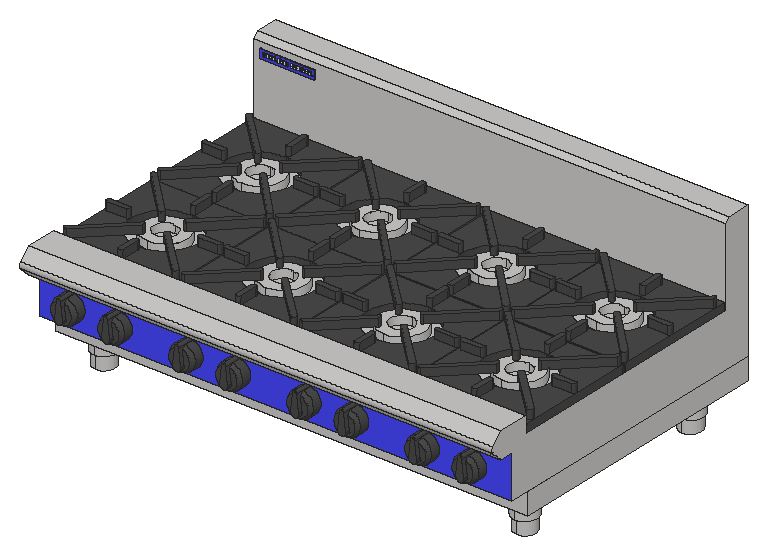
Revit family "QF_MOFFAT_BLUESEAL_CE_G518D-B", category Specialty Equipment, Revit 2012
Parameters
  Width = 1200 mm  # constant formula
  Weight in Pounds = 347  # constant formula
  URL Cutsheet = "www.moffat.com"
  URL = "www.moffat.com"
  Type Mark [instance] = ""
  Status [instance] = ""
  Specification by User [instance] = ""
  Specification by Manufacturer = ""
  Show Logo [instance] = yes
  Serial Number = ""
  Seismic Rating = ""
  SMACNA No = ""
  Revision Code [instance] = ""
  Omniclass Number and Title = ""
  NAFEM Spec ID Number = ""
  Model = "G518D-B"
  Mechanical Remarks [instance] = ""
  Mechanical Connection Type [instance] = ""
  Masterspec = ""
  Manufacturer = "MOFFAT BLUESEAL"
  Item Number [instance] = ""
  Installed By [instance] = ""
  Identify Quantity as Lot [instance] = yes
  Height = 485 mm  # constant formula
  Gas Size = 3/4"
  Gas RI Height [instance] = 0 mm
  Gas KW [instance] = 62.2
  Gas Input [instance] = 212311.0 Btu/h
  Gas Connection Height = 0 mm
  Furnished By [instance] = ""
  Foodservice Equipment Identifier [instance] = yes
  Description = "1200MM GAS COOK TOP BENCH MOUNT"
  Depth = 812 mm  # constant formula
  CSI MasterFormat = ""
  CSI Master Format = ""
Reference planes
  plane 1 "BACK": y = 0
  plane 2: z = 0
  plane 3 "LEFT": x = 0
  plane 4 "RIGHT": x = 1200
  plane 5 "FRONT": y = -812
  plane 6 "TOP": z = 370
  plane 7 "Center Y": x = 600
  plane 8 "Center X": y = -406
  plane 9: z = 485
  plane 10: z = 315
Forms (mm)
  Revolve 1, solid, material "QF_Finishes_Stainless Steel"
    sketch origin (65.5, -728, 0) x (0, 1, 0) y (0, 0, 1)
      loop
        line (71.25, 85) -> (71.25, 35) -> (75.5, 35) -> (75.5, 0) -> (103, 0) -> (103, 85) -> (71.25, 85)
      axis (103, 85) -> (103, 0)
    angle from 0 to 360
  Revolve 2, solid, material "QF_Finishes_Stainless Steel"
    sketch origin (65.5, -210, 0) x (0, 1, 0) y (0, 0, 1)
      loop
        line (78.25, 85) -> (78.25, 35) -> (82.5, 35) -> (82.5, 0) -> (110, 0) -> (110, 85) -> (78.25, 85)
      axis (110, 85) -> (110, 0)
    angle from 0 to 360
  Extrusion 3, solid, material "QF_Finishes_Stainless Steel"
    sketch origin (405, 3, -500) x (1, 0, 0) y (0, 1, 0)
      loop
        circle (665, -35) r 13.5
    from 555 to 585
  Revolve 4, solid, material "QF_Finishes_Black"
    sketch origin (89.999, 7, -0.127) x (0, 1, 0) y (0, 0, -1)
      loop
        line (-789, -229.5) -> (-766, -229.5) -> (-766, -202) -> (-756, -202) -> (-756, -197) -> (-800, -197) -> (-800, -223.651) -> (-789, -229.5)
      axis (-800, -197) -> (-756, -197)
    angle from 0 to 360
  Extrusion 5, solid, material "QF_Finishes_Black"
    sketch origin (228.269, 7, 0.031) x (-1, 0, 0) y (0, 0, -1)
      loop
        line (127.85, -186.163) -> (133.27, -229.082)
        arc (133.27, -229.082) -> (138.269, -233.969) -> (143.267, -229.082) r 5
        line (143.267, -229.082) -> (148.756, -184.996)
        arc (148.756, -184.996) -> (137.684, -174.498) -> (127.85, -186.163) r 10.487
    from 759 to 808
  Extrusion 6, solid, material "QF_Finishes_Stainless Steel"
    sketch origin (0, 0, 0) x (0, 1, 0) y (0, 0, 1)
      loop
        line (-784.97, 250) -> (-749, 250) -> (-749, 140) -> (0, 140) -> (0, 485) -> (-57.5, 485) -> (-70, 472.5) -> (-70, 275) -> (-705, 275) -> (-705, 315) -> (-783.97, 315) -> (-808.498, 290.472)
        arc (-808.498, 290.472) -> (-812.007, 282) -> (-808.498, 273.528) r 11.982
        line (-808.498, 273.528) -> (-784.97, 250)
      loop
        line (0, 85) -> (0, 139.206) -> (-699, 139.206) -> (-699, 85) -> (0, 85)
    from 0 to 1200
  Revolve 7, solid, material "QF_Finishes_Black"
    sketch origin (210, 7, 0) x (0, 1, 0) y (0, 0, -1)
      loop
        line (-789, -229.5) -> (-766, -229.5) -> (-766, -202) -> (-756, -202) -> (-756, -197) -> (-800, -197) -> (-800, -223.651) -> (-789, -229.5)
      axis (-800, -197) -> (-756, -197)
    angle from 0 to 360
  Extrusion 8, solid, material "QF_Finishes_Black"
    sketch origin (348.27, 7, 0.158) x (-1, 0, 0) y (0, 0, -1)
      loop
        line (127.85, -186.163) -> (133.27, -229.082)
        arc (133.27, -229.082) -> (138.269, -233.969) -> (143.267, -229.082) r 5
        line (143.267, -229.082) -> (148.756, -184.996)
        arc (148.756, -184.996) -> (137.684, -174.498) -> (127.85, -186.163) r 10.487
    from 759 to 808
  Revolve 9, solid, material "QF_Finishes_Stainless Steel"
    sketch origin (1134.5, -728, 0) x (0, 1, 0) y (0, 0, -1)
      loop
        line (71.25, -85) -> (103, -85) -> (103, 0) -> (75.5, 0) -> (75.5, -35) -> (71.25, -35) -> (71.25, -85)
      axis (103, -85) -> (103, 0)
    angle from 0 to 360
  Revolve 10, solid, material "QF_Finishes_Stainless Steel"
    sketch origin (1134.5, -210, 0) x (0, 1, 0) y (0, 0, -1)
      loop
        line (78.25, -85) -> (110, -85) -> (110, 0) -> (82.5, 0) -> (82.5, -35) -> (78.25, -35) -> (78.25, -85)
      axis (110, -85) -> (110, 0)
    angle from 0 to 360
  Revolve 11, solid, material "QF_Finishes_Black"
    sketch origin (389.999, 7, -0.127) x (0, 1, 0) y (0, 0, -1)
      loop
        line (-789, -229.5) -> (-766, -229.5) -> (-766, -202) -> (-756, -202) -> (-756, -197) -> (-800, -197) -> (-800, -223.651) -> (-789, -229.5)
      axis (-800, -197) -> (-756, -197)
    angle from 0 to 360
  Extrusion 12, solid, material "QF_Finishes_Black"
    sketch origin (528.269, 7, 0.031) x (-1, 0, 0) y (0, 0, -1)
      loop
        line (127.85, -186.163) -> (133.27, -229.082)
        arc (133.27, -229.082) -> (138.269, -233.969) -> (143.267, -229.082) r 5
        line (143.267, -229.082) -> (148.756, -184.996)
        arc (148.756, -184.996) -> (137.684, -174.498) -> (127.85, -186.163) r 10.487
    from 759 to 808
  Revolve 13, solid, material "QF_Finishes_Black"
    sketch origin (510, 7, 0) x (0, 1, 0) y (0, 0, -1)
      loop
        line (-789, -229.5) -> (-766, -229.5) -> (-766, -202) -> (-756, -202) -> (-756, -197) -> (-800, -197) -> (-800, -223.651) -> (-789, -229.5)
      axis (-800, -197) -> (-756, -197)
    angle from 0 to 360
  Extrusion 14, solid, material "QF_Finishes_Black"
    sketch origin (648.27, 7, 0.158) x (-1, 0, 0) y (0, 0, -1)
      loop
        line (127.85, -186.163) -> (133.27, -229.082)
        arc (133.27, -229.082) -> (138.269, -233.969) -> (143.267, -229.082) r 5
        line (143.267, -229.082) -> (148.756, -184.996)
        arc (148.756, -184.996) -> (137.684, -174.498) -> (127.85, -186.163) r 10.487
    from 759 to 808
  Revolve 15, solid, material "QF_Finishes_Black"
    sketch origin (689.999, 7, -0.127) x (0, 1, 0) y (0, 0, -1)
      loop
        line (-789, -229.5) -> (-766, -229.5) -> (-766, -202) -> (-756, -202) -> (-756, -197) -> (-800, -197) -> (-800, -223.651) -> (-789, -229.5)
      axis (-800, -197) -> (-756, -197)
    angle from 0 to 360
  Extrusion 16, solid, material "QF_Finishes_Black"
    sketch origin (828.269, 7, 0.031) x (-1, 0, 0) y (0, 0, -1)
      loop
        line (127.85, -186.163) -> (133.27, -229.082)
        arc (133.27, -229.082) -> (138.269, -233.969) -> (143.267, -229.082) r 5
        line (143.267, -229.082) -> (148.756, -184.996)
        arc (148.756, -184.996) -> (137.684, -174.498) -> (127.85, -186.163) r 10.487
    from 759 to 808
  Revolve 17, solid, material "QF_Finishes_Black"
    sketch origin (810, 7, 0) x (0, 1, 0) y (0, 0, -1)
      loop
        line (-789, -229.5) -> (-766, -229.5) -> (-766, -202) -> (-756, -202) -> (-756, -197) -> (-800, -197) -> (-800, -223.651) -> (-789, -229.5)
      axis (-800, -197) -> (-756, -197)
    angle from 0 to 360
  Extrusion 18, solid, material "QF_Finishes_Black"
    sketch origin (948.27, 7, 0.158) x (-1, 0, 0) y (0, 0, -1)
      loop
        line (127.85, -186.163) -> (133.27, -229.082)
        arc (133.27, -229.082) -> (138.269, -233.969) -> (143.267, -229.082) r 5
        line (143.267, -229.082) -> (148.756, -184.996)
        arc (148.756, -184.996) -> (137.684, -174.498) -> (127.85, -186.163) r 10.487
    from 759 to 808
  Revolve 19, solid, material "QF_Finishes_Black"
    sketch origin (989.999, 7, -0.127) x (0, 1, 0) y (0, 0, -1)
      loop
        line (-789, -229.5) -> (-766, -229.5) -> (-766, -202) -> (-756, -202) -> (-756, -197) -> (-800, -197) -> (-800, -223.651) -> (-789, -229.5)
      axis (-800, -197) -> (-756, -197)
    angle from 0 to 360
  Extrusion 20, solid, material "QF_Finishes_Black"
    sketch origin (1128.269, 7, 0.031) x (-1, 0, 0) y (0, 0, -1)
      loop
        line (127.85, -186.163) -> (133.27, -229.082)
        arc (133.27, -229.082) -> (138.269, -233.969) -> (143.267, -229.082) r 5
        line (143.267, -229.082) -> (148.756, -184.996)
        arc (148.756, -184.996) -> (137.684, -174.498) -> (127.85, -186.163) r 10.487
    from 759 to 808
  Revolve 21, solid, material "QF_Finishes_Black"
    sketch origin (1110, 7, 0) x (0, 1, 0) y (0, 0, -1)
      loop
        line (-789, -229.5) -> (-766, -229.5) -> (-766, -202) -> (-756, -202) -> (-756, -197) -> (-800, -197) -> (-800, -223.651) -> (-789, -229.5)
      axis (-800, -197) -> (-756, -197)
    angle from 0 to 360
  Extrusion 22, solid, material "QF_Finishes_Black"
    sketch origin (1248.27, 7, 0.158) x (-1, 0, 0) y (0, 0, -1)
      loop
        line (127.85, -186.163) -> (133.27, -229.082)
        arc (133.27, -229.082) -> (138.269, -233.969) -> (143.267, -229.082) r 5
        line (143.267, -229.082) -> (148.756, -184.996)
        arc (148.756, -184.996) -> (137.684, -174.498) -> (127.85, -186.163) r 10.487
    from 759 to 808
Lines and regions (mm)
  Split face 1
    outline origin (0, 0, 485) x (0, -1, 0) y (1, 0, 0)
      loop
        arc (18.185, 32.794) -> (23.185, 24.134) -> (33.185, 24.134) r 10
        line (33.185, 24.134) -> (40.185, 28.176)
        arc (40.185, 28.176) -> (43.845, 31.836) -> (45.185, 36.836) r 10
        line (45.185, 36.836) -> (45.185, 264.794)
        arc (45.185, 264.794) -> (40.185, 273.455) -> (30.185, 273.455) r 10
        line (30.185, 273.455) -> (23.185, 269.413)
        arc (23.185, 269.413) -> (19.525, 265.753) -> (18.185, 260.753) r 10
        line (18.185, 260.753) -> (18.185, 32.794)
  Split face 2
    outline origin (0, 0, 485) x (0, -1, 0) y (1, 0, 0)
      loop
        arc (18.185, 332.794) -> (23.185, 324.134) -> (33.185, 324.134) r 10
        line (33.185, 324.134) -> (40.185, 328.176)
        arc (40.185, 328.176) -> (43.845, 331.836) -> (45.185, 336.836) r 10
        line (45.185, 336.836) -> (45.185, 564.794)
        arc (45.185, 564.794) -> (40.185, 573.455) -> (30.185, 573.455) r 10
        line (30.185, 573.455) -> (23.185, 569.413)
        arc (23.185, 569.413) -> (19.525, 565.753) -> (18.185, 560.753) r 10
        line (18.185, 560.753) -> (18.185, 332.794)
  Split face 3
    outline origin (0, 0, 485) x (0, -1, 0) y (1, 0, 0)
      loop
        arc (45.185, 1164.794) -> (40.185, 1173.455) -> (30.185, 1173.455) r 10
        line (30.185, 1173.455) -> (23.185, 1169.413)
        arc (23.185, 1169.413) -> (19.525, 1165.753) -> (18.185, 1160.753) r 10
        line (18.185, 1160.753) -> (18.185, 932.794)
        arc (18.185, 932.794) -> (23.185, 924.134) -> (33.185, 924.134) r 10
        line (33.185, 924.134) -> (40.185, 928.176)
        arc (40.185, 928.176) -> (43.845, 931.836) -> (45.185, 936.836) r 10
        line (45.185, 936.836) -> (45.185, 1164.794)
  Split face 4
    outline origin (0, 0, 485) x (0, -1, 0) y (1, 0, 0)
      loop
        line (45.185, 636.836) -> (45.185, 864.794)
        arc (45.185, 864.794) -> (40.185, 873.455) -> (30.185, 873.455) r 10
        line (30.185, 873.455) -> (23.185, 869.413)
        arc (23.185, 869.413) -> (19.525, 865.753) -> (18.185, 860.753) r 10
        line (18.185, 860.753) -> (18.185, 632.794)
        arc (18.185, 632.794) -> (23.185, 624.134) -> (33.185, 624.134) r 10
        line (33.185, 624.134) -> (40.185, 628.176)
        arc (40.185, 628.176) -> (43.845, 631.836) -> (45.185, 636.836) r 10
  symbolic lines
    curve 1: line (0, 0, 0) -> (0, -812, 0)
    curve 2: line (1200, 0, 0) -> (0, 0, 0)
    curve 3: line (1200, -812, 0) -> (1200, 0, 0)
    curve 4: line (0, -70, 0) -> (1200, -70, 0)
    curve 5: line (0, -812, 0) -> (1200, -812, 0)
    curve 6: line (1200, -705, 0) -> (0, -705, 0)
    curve 7: line (0, -783.97, 0) -> (1200, -783.97, 0)
    curve 8: line (36.836, -45.185, 0) -> (264.794, -45.185, 0)
    curve 9: arc (264.794, -45.185, 0) -> (273.455, -40.185, 0) -> (273.455, -30.185, 0) r 10
    curve 10: line (273.455, -30.185, 0) -> (269.413, -23.185, 0)
    curve 11: arc (269.413, -23.185, 0) -> (265.753, -19.525, 0) -> (260.753, -18.185, 0) r 10
    curve 12: line (260.753, -18.185, 0) -> (32.794, -18.185, 0)
    curve 13: arc (32.794, -18.185, 0) -> (24.134, -23.185, 0) -> (24.134, -33.185, 0) r 10
    curve 14: line (24.134, -33.185, 0) -> (28.176, -40.185, 0)
    curve 15: arc (28.176, -40.185, 0) -> (31.836, -43.845, 0) -> (36.836, -45.185, 0) r 10
    curve 16: line (336.836, -45.185, 0) -> (564.794, -45.185, 0)
    curve 17: arc (564.794, -45.185, 0) -> (573.455, -40.185, 0) -> (573.455, -30.185, 0) r 10
    curve 18: line (573.455, -30.185, 0) -> (569.413, -23.185, 0)
    curve 19: arc (569.413, -23.185, 0) -> (565.753, -19.525, 0) -> (560.753, -18.185, 0) r 10
    curve 20: line (560.753, -18.185, 0) -> (332.794, -18.185, 0)
    curve 21: arc (332.794, -18.185, 0) -> (324.134, -23.185, 0) -> (324.134, -33.185, 0) r 10
    curve 22: line (324.134, -33.185, 0) -> (328.176, -40.185, 0)
    curve 23: arc (328.176, -40.185, 0) -> (331.836, -43.845, 0) -> (336.836, -45.185, 0) r 10
    curve 24: line (0, -57.5, 0) -> (1200, -57.5, 0)
    curve 25: line (860.753, -18.185, 0) -> (632.794, -18.185, 0)
    curve 26: arc (632.794, -18.185, 0) -> (624.134, -23.185, 0) -> (624.134, -33.185, 0) r 10
    curve 27: line (624.134, -33.185, 0) -> (628.176, -40.185, 0)
    curve 28: arc (628.176, -40.185, 0) -> (631.836, -43.845, 0) -> (636.836, -45.185, 0) r 10
    curve 29: line (636.836, -45.185, 0) -> (864.794, -45.185, 0)
    curve 30: arc (864.794, -45.185, 0) -> (873.455, -40.185, 0) -> (873.455, -30.185, 0) r 10
    curve 31: line (873.455, -30.185, 0) -> (869.413, -23.185, 0)
    curve 32: arc (869.413, -23.185, 0) -> (865.753, -19.525, 0) -> (860.753, -18.185, 0) r 10
    curve 33: line (932.794, -18.185, 0) -> (1160.753, -18.185, 0)
    curve 34: arc (1160.753, -18.185, 0) -> (1165.753, -19.525, 0) -> (1169.413, -23.185, 0) r 10
    curve 35: line (1169.413, -23.185, 0) -> (1173.455, -30.185, 0)
    curve 36: arc (1173.455, -30.185, 0) -> (1173.455, -40.185, 0) -> (1164.794, -45.185, 0) r 10
    curve 37: line (1164.794, -45.185, 0) -> (936.836, -45.185, 0)
    curve 38: arc (936.836, -45.185, 0) -> (931.836, -43.845, 0) -> (928.176, -40.185, 0) r 10
    curve 39: line (928.176, -40.185, 0) -> (924.134, -33.185, 0)
    curve 40: arc (924.134, -33.185, 0) -> (924.134, -23.185, 0) -> (932.794, -18.185, 0) r 10
Dimensions and locks
  equal spacing: plane 3 "LEFT", plane 7 "Center Y", plane 4 "RIGHT"
  "Width": plane 3 "LEFT" to plane 4 "RIGHT"
  equal spacing: plane 5 "FRONT", plane 8 "Center X", plane 1 "BACK"
  "Depth": plane 5 "FRONT" to plane 1 "BACK"
  equal spacing: plane 4 "RIGHT", plane 7 "Center Y", plane 3 "LEFT"
  plane 4 "RIGHT" to plane 3 "LEFT" = 1200 mm
  Extrusion 3 to level = 55 mm
  Extrusion 3 to plane 1 "BACK" = 32 mm
  plane 5 "FRONT" to plane 1 "BACK" = 812 mm
  "Height": plane 9 to level
  plane 10 to level = 315 mm
  Extrusion 3 sketch curve to plane 4 "RIGHT" = 130 mm
  Extrusion 3 sketch curve to plane 1 "BACK" = 32 mm
  aligned and locked: level to plane 2
  aligned and locked: curve 3 to plane 4 "RIGHT"
  aligned and locked: Extrusion 6 to plane 4 "RIGHT"
Automatic sketch dimensions
  plane 1 "BACK" to curve 1 = 0 mm
  curve 1 to plane 3 "LEFT" = 0 mm
  plane 5 "FRONT" to curve 1 = 0 mm
  plane 3 "LEFT" to curve 13 = 24.134 mm
  curve 14 to curve 14 = 4.041 mm
  curve 13 to curve 13 = 8.66 mm
  curve 14 to curve 8 = 8.66 mm
  plane 1 "BACK" to curve 11 = 28.185 mm
  curve 15 to curve 11 = 223.917 mm
  curve 11 to curve 9 = 4.041 mm
  plane 1 "BACK" to curve 10 = 23.185 mm
  curve 11 to curve 10 = 8.66 mm
  plane 1 "BACK" to curve 10 = 30.185 mm
  curve 11 to curve 10 = 4.041 mm
  curve 9 to curve 21 = 50.679 mm
  plane 1 "BACK" to curve 22 = 40.185 mm
  curve 22 to curve 22 = 4.041 mm
  curve 21 to curve 21 = 8.66 mm
  curve 23 to curve 23 = 8.66 mm
  plane 1 "BACK" to curve 20 = 18.185 mm
  curve 20 to plane 7 "Center Y" = 39.247 mm
  curve 19 to curve 17 = 4.041 mm
  plane 1 "BACK" to curve 18 = 23.185 mm
  curve 19 to curve 18 = 8.66 mm
  curve 18 to curve 18 = 4.041 mm
  curve 7 to plane 5 "FRONT" = 28.03 mm
  curve 7 to curve 6 = 78.97 mm
  curve 4 to curve 13 = 51.815 mm
  curve 4 to curve 24 = 12.5 mm
  curve 15 to curve 12 = 27 mm
  curve 23 to curve 23 = 5 mm
  curve 8 to curve 15 = 5 mm
  curve 17 to curve 19 = 7 mm
  curve 14 to curve 14 = 7 mm
  curve 22 to curve 22 = 7 mm
  Revolve 1 sketch curve to level = 0 mm
  level to Revolve 1 sketch curve = 35 mm
  Revolve 1 sketch curve to plane 5 "FRONT" = 155.25 mm
  Revolve 1 sketch curve to Revolve 1 sketch curve = 4.25 mm
  Revolve 1 sketch curve to Revolve 1 sketch curve = 27.5 mm  (x2)
  Revolve 1 sketch curve to Revolve 1 sketch curve = 55 mm
  Revolve 1 sketch curve to Revolve 1 sketch curve = 15 mm
  Revolve 1 sketch curve to Revolve 1 sketch curve = 35 mm
  Revolve 2 sketch curve to level = 0 mm
  level to Revolve 2 sketch curve = 35 mm
  plane 1 "BACK" to Revolve 2 sketch curve = 131.75 mm
  Revolve 2 sketch curve to Revolve 2 sketch curve = 4.25 mm
  Revolve 2 sketch curve to Revolve 2 sketch curve = 27.5 mm  (x2)
  Revolve 2 sketch curve to Revolve 2 sketch curve = 55 mm
  Revolve 2 sketch curve to Revolve 2 sketch curve = 15 mm
  Revolve 2 sketch curve to Revolve 2 sketch curve = 35 mm
  Revolve 4 sketch curve to plane 5 "FRONT" = 19 mm
  Revolve 4 sketch curve to Revolve 4 sketch curve = 0 mm  (x2)
  Revolve 4 sketch curve to Revolve 4 sketch curve = 11 mm
  Revolve 4 sketch curve to Revolve 4 sketch curve = 12.7 mm
  Revolve 4 sketch curve to Revolve 4 sketch curve = 23 mm
  Revolve 4 sketch curve to Revolve 4 sketch curve = 10 mm
  Revolve 4 sketch curve to plane 10 = 85.627 mm
  Revolve 4 sketch curve to Revolve 4 sketch curve = 5.849 mm
  Revolve 4 sketch curve to Revolve 4 sketch curve = 27.5 mm
  Revolve 4 sketch curve to Revolve 4 sketch curve = 5 mm
  plane 3 "LEFT" to Extrusion 5 sketch curve = 100.419 mm
  Extrusion 5 sketch curve to Extrusion 5 sketch curve = 5.421 mm
  Extrusion 5 sketch curve to Extrusion 5 sketch curve = 10.419 mm
  Extrusion 5 sketch curve to Extrusion 5 sketch curve = 4.999 mm  (x2)
  Extrusion 5 sketch curve to Extrusion 5 sketch curve = 10.487 mm
  Extrusion 5 sketch curve to plane 10 = 85.887 mm
  Extrusion 5 sketch curve to Extrusion 5 sketch curve = 0.113 mm
  Extrusion 5 sketch curve to Extrusion 5 sketch curve = 42.919 mm
  Extrusion 5 sketch curve to Extrusion 5 sketch curve = 1.167 mm
  Extrusion 6 sketch curve to plane 10 = 0 mm
  plane 9 to Extrusion 6 sketch curve = 0 mm
  Extrusion 6 sketch curve to plane 1 "BACK" = 0 mm  (x2)
  plane 1 "BACK" to Extrusion 6 sketch curve = 57.5 mm
  plane 9 to Extrusion 6 sketch curve = 12.5 mm
  Extrusion 6 sketch curve to Extrusion 6 sketch curve = 12.5 mm
  Extrusion 6 sketch curve to plane 5 "FRONT" = 113 mm
  Extrusion 6 sketch curve to plane 5 "FRONT" = 107 mm
  Extrusion 6 sketch curve to Extrusion 6 sketch curve = 50 mm
  Extrusion 6 sketch curve to plane 5 "FRONT" = 28.03 mm
  Extrusion 6 sketch curve to plane 5 "FRONT" = 27.03 mm
  Extrusion 6 sketch curve to plane 5 "FRONT" = 11.975 mm
  Extrusion 6 sketch curve to plane 5 "FRONT" = 3.502 mm  (x2)
  Extrusion 6 sketch curve to plane 10 = 24.528 mm
  Extrusion 6 sketch curve to Extrusion 6 sketch curve = 8.472 mm
  Extrusion 6 sketch curve to Extrusion 6 sketch curve = 40 mm
  Extrusion 6 sketch curve to Extrusion 6 sketch curve = 23.528 mm
  Extrusion 6 sketch curve to Extrusion 6 sketch curve = 110 mm
  Extrusion 6 sketch curve to Extrusion 6 sketch curve = 0.794 mm
  Extrusion 6 sketch curve to Extrusion 6 sketch curve = 54.206 mm
  Split face 1 sketch curve to Extrusion 6 = 18.185 mm
  Split face 1 sketch curve to Split face 1 sketch curve = 5 mm  (x3)
  Split face 1 sketch curve to Split face 1 sketch curve = 10 mm  (x2)
  Split face 1 sketch curve to Split face 1 sketch curve = 7 mm  (x4)
  Split face 1 sketch curve to Extrusion 6 = 24.134 mm
  Split face 1 sketch curve to Split face 1 sketch curve = 4.041 mm  (x2)
  Split face 1 sketch curve to Split face 1 sketch curve = 223.917 mm
  Split face 2 sketch curve to Extrusion 6 = 18.185 mm
  Split face 2 sketch curve to Split face 2 sketch curve = 5 mm  (x4)
  Split face 2 sketch curve to Split face 2 sketch curve = 10 mm
  Split face 2 sketch curve to Split face 2 sketch curve = 7 mm  (x4)
  Split face 2 sketch curve to Extrusion 6 = 324.134 mm
  Split face 2 sketch curve to Split face 2 sketch curve = 4.041 mm  (x2)
  Split face 2 sketch curve to Split face 2 sketch curve = 223.917 mm
  Split face 3 sketch curve to Extrusion 6 = 18.185 mm
  Split face 3 sketch curve to Split face 3 sketch curve = 5 mm  (x3)
  Split face 3 sketch curve to Split face 3 sketch curve = 10 mm  (x2)
  Split face 3 sketch curve to Split face 3 sketch curve = 7 mm  (x4)
  Split face 3 sketch curve to Extrusion 6 = 275.866 mm
  Split face 3 sketch curve to Split face 3 sketch curve = 4.041 mm  (x2)
  Split face 3 sketch curve to Extrusion 6 = 39.247 mm
  Revolve 7 sketch curve to plane 5 "FRONT" = 19 mm
  Revolve 7 sketch curve to Revolve 7 sketch curve = 0 mm  (x2)
  Revolve 7 sketch curve to Revolve 7 sketch curve = 11 mm
  Revolve 7 sketch curve to Revolve 7 sketch curve = 12.7 mm
  Revolve 7 sketch curve to Revolve 7 sketch curve = 23 mm
  Revolve 7 sketch curve to Revolve 7 sketch curve = 10 mm
  Revolve 7 sketch curve to plane 10 = 85.5 mm
  Revolve 7 sketch curve to Revolve 7 sketch curve = 5.849 mm
  Revolve 7 sketch curve to Revolve 7 sketch curve = 27.5 mm
  Revolve 7 sketch curve to Revolve 7 sketch curve = 5 mm
  plane 3 "LEFT" to Extrusion 8 sketch curve = 220.42 mm
  Extrusion 8 sketch curve to Extrusion 8 sketch curve = 5.421 mm
  Extrusion 8 sketch curve to Extrusion 8 sketch curve = 10.419 mm
  Extrusion 8 sketch curve to Extrusion 8 sketch curve = 4.999 mm  (x2)
  Extrusion 8 sketch curve to plane 10 = 85.76 mm
  Extrusion 8 sketch curve to Extrusion 8 sketch curve = 10.487 mm
  Extrusion 8 sketch curve to Extrusion 8 sketch curve = 0.113 mm
  Extrusion 8 sketch curve to Extrusion 8 sketch curve = 42.919 mm
  Extrusion 8 sketch curve to Extrusion 8 sketch curve = 1.167 mm
  Revolve 9 sketch curve to level = 0 mm
  level to Revolve 9 sketch curve = 35 mm
  Revolve 9 sketch curve to plane 5 "FRONT" = 155.25 mm
  Revolve 9 sketch curve to Revolve 9 sketch curve = 4.25 mm
  Revolve 9 sketch curve to Revolve 9 sketch curve = 27.5 mm  (x2)
  Revolve 9 sketch curve to Revolve 9 sketch curve = 15 mm
  Revolve 9 sketch curve to Revolve 9 sketch curve = 35 mm
  Revolve 9 sketch curve to level = 55 mm
  Revolve 10 sketch curve to level = 0 mm
  level to Revolve 10 sketch curve = 35 mm
  plane 1 "BACK" to Revolve 10 sketch curve = 131.75 mm
  Revolve 10 sketch curve to Revolve 10 sketch curve = 4.25 mm
  Revolve 10 sketch curve to Revolve 10 sketch curve = 27.5 mm  (x2)
  Revolve 10 sketch curve to Revolve 10 sketch curve = 15 mm
  Revolve 10 sketch curve to Revolve 10 sketch curve = 35 mm
  Revolve 10 sketch curve to level = 55 mm
  Revolve 11 sketch curve to plane 5 "FRONT" = 19 mm
  Revolve 11 sketch curve to Revolve 11 sketch curve = 0 mm  (x2)
  Revolve 11 sketch curve to Revolve 11 sketch curve = 11 mm
  Revolve 11 sketch curve to Revolve 11 sketch curve = 12.7 mm
  Revolve 11 sketch curve to Revolve 11 sketch curve = 23 mm
  Revolve 11 sketch curve to Revolve 11 sketch curve = 10 mm
  Revolve 11 sketch curve to plane 10 = 85.627 mm
  Revolve 11 sketch curve to Revolve 11 sketch curve = 5.849 mm
  Revolve 11 sketch curve to Revolve 11 sketch curve = 27.5 mm
  Revolve 11 sketch curve to Revolve 11 sketch curve = 5 mm
  Extrusion 12 sketch curve to plane 7 "Center Y" = 199.581 mm
  Extrusion 12 sketch curve to Extrusion 12 sketch curve = 5.421 mm
  Extrusion 12 sketch curve to Extrusion 12 sketch curve = 10.419 mm
  Extrusion 12 sketch curve to Extrusion 12 sketch curve = 4.999 mm  (x2)
  Extrusion 12 sketch curve to plane 10 = 85.887 mm
  Extrusion 12 sketch curve to Extrusion 12 sketch curve = 10.487 mm
  Extrusion 12 sketch curve to Extrusion 12 sketch curve = 0.113 mm
  Extrusion 12 sketch curve to Extrusion 12 sketch curve = 42.919 mm
  Extrusion 12 sketch curve to Extrusion 12 sketch curve = 1.167 mm
  Revolve 13 sketch curve to plane 5 "FRONT" = 19 mm
  Revolve 13 sketch curve to Revolve 13 sketch curve = 0 mm  (x2)
  Revolve 13 sketch curve to Revolve 13 sketch curve = 11 mm
  Revolve 13 sketch curve to Revolve 13 sketch curve = 12.7 mm
  Revolve 13 sketch curve to Revolve 13 sketch curve = 23 mm
  Revolve 13 sketch curve to Revolve 13 sketch curve = 10 mm
  Revolve 13 sketch curve to plane 10 = 85.5 mm
  Revolve 13 sketch curve to Revolve 13 sketch curve = 5.849 mm
  Revolve 13 sketch curve to Revolve 13 sketch curve = 27.5 mm
  Revolve 13 sketch curve to Revolve 13 sketch curve = 5 mm
  Extrusion 14 sketch curve to plane 7 "Center Y" = 79.58 mm
  Extrusion 14 sketch curve to Extrusion 14 sketch curve = 5.421 mm
  Extrusion 14 sketch curve to Extrusion 14 sketch curve = 10.419 mm
  Extrusion 14 sketch curve to Extrusion 14 sketch curve = 4.999 mm  (x2)
  Extrusion 14 sketch curve to plane 10 = 85.76 mm
  Extrusion 14 sketch curve to Extrusion 14 sketch curve = 10.487 mm
  Extrusion 14 sketch curve to Extrusion 14 sketch curve = 0.113 mm
  Extrusion 14 sketch curve to Extrusion 14 sketch curve = 42.919 mm
  Extrusion 14 sketch curve to Extrusion 14 sketch curve = 1.167 mm
  Revolve 15 sketch curve to plane 5 "FRONT" = 19 mm
  Revolve 15 sketch curve to Revolve 15 sketch curve = 0 mm  (x2)
  Revolve 15 sketch curve to Revolve 15 sketch curve = 11 mm
  Revolve 15 sketch curve to Revolve 15 sketch curve = 12.7 mm
  Revolve 15 sketch curve to Revolve 15 sketch curve = 23 mm
  Revolve 15 sketch curve to Revolve 15 sketch curve = 10 mm
  Revolve 15 sketch curve to plane 10 = 85.627 mm
  Revolve 15 sketch curve to Revolve 15 sketch curve = 5.849 mm
  Revolve 15 sketch curve to Revolve 15 sketch curve = 27.5 mm
  Revolve 15 sketch curve to Revolve 15 sketch curve = 5 mm
  plane 7 "Center Y" to Extrusion 16 sketch curve = 100.419 mm
  Extrusion 16 sketch curve to Extrusion 16 sketch curve = 5.421 mm
  Extrusion 16 sketch curve to Extrusion 16 sketch curve = 10.419 mm
  Extrusion 16 sketch curve to Extrusion 16 sketch curve = 4.999 mm  (x2)
  Extrusion 16 sketch curve to Extrusion 16 sketch curve = 10.487 mm
  Extrusion 16 sketch curve to plane 10 = 85.887 mm
  Extrusion 16 sketch curve to Extrusion 16 sketch curve = 0.113 mm
  Extrusion 16 sketch curve to Extrusion 16 sketch curve = 42.919 mm
  Extrusion 16 sketch curve to Extrusion 16 sketch curve = 1.167 mm
  Revolve 17 sketch curve to plane 5 "FRONT" = 19 mm
  Revolve 17 sketch curve to Revolve 17 sketch curve = 0 mm  (x2)
  Revolve 17 sketch curve to Revolve 17 sketch curve = 11 mm
  Revolve 17 sketch curve to Revolve 17 sketch curve = 12.7 mm
  Revolve 17 sketch curve to Revolve 17 sketch curve = 23 mm
  Revolve 17 sketch curve to Revolve 17 sketch curve = 10 mm
  Revolve 17 sketch curve to plane 10 = 85.5 mm
  Revolve 17 sketch curve to Revolve 17 sketch curve = 5.849 mm
  Revolve 17 sketch curve to Revolve 17 sketch curve = 27.5 mm
  Revolve 17 sketch curve to Revolve 17 sketch curve = 5 mm
  plane 7 "Center Y" to Extrusion 18 sketch curve = 220.42 mm
  Extrusion 18 sketch curve to Extrusion 18 sketch curve = 5.421 mm
  Extrusion 18 sketch curve to Extrusion 18 sketch curve = 10.419 mm
  Extrusion 18 sketch curve to Extrusion 18 sketch curve = 4.999 mm  (x2)
  Extrusion 18 sketch curve to plane 10 = 85.76 mm
  Extrusion 18 sketch curve to Extrusion 18 sketch curve = 10.487 mm
  Extrusion 18 sketch curve to Extrusion 18 sketch curve = 0.113 mm
  Extrusion 18 sketch curve to Extrusion 18 sketch curve = 42.919 mm
  Extrusion 18 sketch curve to Extrusion 18 sketch curve = 1.167 mm
  Revolve 19 sketch curve to plane 5 "FRONT" = 19 mm
  Revolve 19 sketch curve to Revolve 19 sketch curve = 0 mm  (x2)
  Revolve 19 sketch curve to Revolve 19 sketch curve = 11 mm
  Revolve 19 sketch curve to Revolve 19 sketch curve = 12.7 mm
  Revolve 19 sketch curve to Revolve 19 sketch curve = 23 mm
  Revolve 19 sketch curve to Revolve 19 sketch curve = 10 mm
  Revolve 19 sketch curve to plane 10 = 85.627 mm
  Revolve 19 sketch curve to Revolve 19 sketch curve = 5.849 mm
  Revolve 19 sketch curve to Revolve 19 sketch curve = 27.5 mm
  Revolve 19 sketch curve to Revolve 19 sketch curve = 5 mm
  plane 4 "RIGHT" to Extrusion 20 sketch curve = 199.581 mm
  Extrusion 20 sketch curve to Extrusion 20 sketch curve = 5.421 mm
  Extrusion 20 sketch curve to Extrusion 20 sketch curve = 10.419 mm
  Extrusion 20 sketch curve to Extrusion 20 sketch curve = 4.999 mm  (x2)
  Extrusion 20 sketch curve to plane 10 = 85.887 mm
  Extrusion 20 sketch curve to Extrusion 20 sketch curve = 10.487 mm
  Extrusion 20 sketch curve to Extrusion 20 sketch curve = 0.113 mm
  Extrusion 20 sketch curve to Extrusion 20 sketch curve = 42.919 mm
  Extrusion 20 sketch curve to Extrusion 20 sketch curve = 1.167 mm
  Revolve 21 sketch curve to plane 5 "FRONT" = 19 mm
  Revolve 21 sketch curve to Revolve 21 sketch curve = 0 mm  (x2)
  Revolve 21 sketch curve to Revolve 21 sketch curve = 11 mm
  Revolve 21 sketch curve to Revolve 21 sketch curve = 12.7 mm
  Revolve 21 sketch curve to Revolve 21 sketch curve = 23 mm
  Revolve 21 sketch curve to Revolve 21 sketch curve = 10 mm
  Revolve 21 sketch curve to plane 10 = 85.5 mm
  Revolve 21 sketch curve to Revolve 21 sketch curve = 5.849 mm
  Revolve 21 sketch curve to Revolve 21 sketch curve = 27.5 mm
  Revolve 21 sketch curve to Revolve 21 sketch curve = 5 mm
  plane 4 "RIGHT" to Extrusion 22 sketch curve = 79.58 mm
  Extrusion 22 sketch curve to Extrusion 22 sketch curve = 5.421 mm
  Extrusion 22 sketch curve to Extrusion 22 sketch curve = 10.419 mm
  Extrusion 22 sketch curve to Extrusion 22 sketch curve = 4.999 mm  (x2)
  Extrusion 22 sketch curve to plane 10 = 85.76 mm
  Extrusion 22 sketch curve to Extrusion 22 sketch curve = 10.487 mm
  Extrusion 22 sketch curve to Extrusion 22 sketch curve = 0.113 mm
  Extrusion 22 sketch curve to Extrusion 22 sketch curve = 42.919 mm
  Extrusion 22 sketch curve to Extrusion 22 sketch curve = 1.167 mm
  Split face 4 sketch curve to Extrusion 6 = 18.185 mm
  Split face 4 sketch curve to Split face 4 sketch curve = 5 mm  (x2)
  Split face 4 sketch curve to Split face 4 sketch curve = 10 mm  (x3)
  Split face 4 sketch curve to Split face 4 sketch curve = 7 mm  (x4)
  Split face 4 sketch curve to Extrusion 6 = 624.134 mm
  Split face 4 sketch curve to Split face 4 sketch curve = 4.041 mm  (x2)
  Split face 4 sketch curve to Split face 4 sketch curve = 223.917 mm
  plane 7 "Center Y" to curve 27 = 24.134 mm
  curve 26 to curve 27 = 4.041 mm
  curve 26 to curve 26 = 8.66 mm
  curve 27 to curve 29 = 8.66 mm
  plane 1 "BACK" to curve 25 = 18.185 mm
  curve 28 to curve 25 = 223.917 mm
  curve 32 to curve 29 = 4.041 mm
  curve 32 to curve 32 = 8.66 mm
  plane 1 "BACK" to curve 31 = 30.185 mm
  curve 31 to curve 31 = 4.041 mm
  curve 30 to curve 30 = 15 mm
  curve 29 to curve 27 = 5 mm
  curve 28 to curve 27 = 7 mm
  curve 30 to curve 32 = 7 mm
  plane 1 "BACK" to curve 39 = 33.185 mm
  curve 31 to curve 39 = 50.679 mm
  curve 39 to curve 38 = 4.041 mm
  curve 39 to curve 33 = 8.66 mm
  curve 40 to curve 38 = 4.041 mm
  plane 1 "BACK" to curve 34 = 18.185 mm
  plane 4 "RIGHT" to curve 34 = 39.247 mm
  curve 34 to curve 37 = 4.041 mm
  plane 1 "BACK" to curve 35 = 23.185 mm
  curve 34 to curve 35 = 8.66 mm
  curve 34 to curve 35 = 4.041 mm
  curve 38 to curve 39 = 12 mm
  curve 38 to curve 39 = 7 mm
  curve 36 to curve 34 = 7 mm
  radius of Extrusion 3 sketch curve = 13.5 mm
Nested families
  nested 1: "WALDORF LOGO_FACE BASE" at (18.6, -70, 458.604) x (1, 0, 0) z (0, -1, 0), visible <- "Show Logo", type "WALDORF LOGO_FACE BASE", detail levels medium+fine
    with Show Logo yes
  nested 2: "GAS BURNER 1200" at (0, -70, 275), type "GAS BURNER 1200"
    with Width 1200 mm, Type Mark "", Status "", Specification by User "", Revision Code "", Item Number "", Installed By "", Identify Quantity as Lot yes, Furnished By "", Foodservice Equipment Identifier yes, Depth 635 mm
Connectors
  piping at (1070, -32, 55)
    settings: on Extrusion 3, index 1, connector radius 0.37402", flow factor 0, pipe flow 0 GPM, pressure drop 0.00 psi, fitting loss kfactor 0, connector angle 0.00°, fixture units 0, engagement length 0 mm, flow configuration 1, flow direction 1, fitting loss method 0, system type 7, joint type 0, gender type 0, connector reference index -1, connector utility 0, adjustable connector no, is connector primary yes, fitting loss table "", connector description "GAS CONNECTION"
Definition of nested family "WALDORF LOGO_FACE BASE"
  Parameters (values of type "WALDORF LOGO_FACE BASE")
    Show Logo [instance] = yes
    Default Elevation = 1219.2 mm
  Reference planes
    plane 1 "Center (Front/Back)": y = 0
    plane 2: z = 0
    plane 3 "Center (Left/Right)": x = 0
  Forms (mm)
    Extrusion 1, solid
      sketch origin (0, 0, 0) x (1, 0, 0) y (0, 1, 0)
        loop
          line (-1219.2, 1219.2) -> (-1219.2, -1219.2) -> (1219.2, -1219.2) -> (1219.2, 1219.2) -> (-1219.2, 1219.2)
      from 0 to -304.8
    Extrusion 2, solid, material "QF_Finishes_Blue", visible <- "Show Logo"
      sketch origin (0, -33.217, 0) x (1, 0, 0) y (0, 1, 0)
        loop
          arc (138, 31.942) -> (137.626, 32.844) -> (136.724, 33.217) r 1.276
          line (136.724, 33.217) -> (1.29, 33.217)
          arc (1.29, 33.217) -> (0.378, 32.839) -> (0, 31.927) r 1.29
          line (0, 31.927) -> (0, 11.507)
          arc (0, 11.507) -> (0.378, 10.595) -> (1.29, 10.217) r 1.29
          line (1.29, 10.217) -> (136.71, 10.217)
          arc (136.71, 10.217) -> (137.622, 10.595) -> (138, 11.507) r 1.29
          line (138, 11.507) -> (138, 31.942)
      from 0 to 1.588
    Extrusion 3, solid, material "QF_Finishes_White", visible <- "Show Logo"
      sketch origin (0, -33.217, 1.588) x (1, 0, 0) y (0, 1, 0)
        loop
          arc (108.946, 25.919) -> (107.613, 25.367) -> (107.061, 24.034) r 1.885
          line (107.061, 24.034) -> (107.061, 17.211) -> (112.704, 17.211) -> (112.704, 19.129) -> (115.546, 19.129) -> (115.546, 17.211) -> (121.584, 17.211) -> (121.584, 24.075)
          arc (121.584, 24.075) -> (121.043, 25.379) -> (119.739, 25.919) r 1.845
          line (119.739, 25.919) -> (108.946, 25.919)
        loop
          line (123.478, 25.919) -> (123.478, 17.163) -> (134.904, 17.163) -> (134.904, 19.129) -> (129.246, 19.129) -> (129.246, 25.919) -> (123.478, 25.919)
        loop
          line (112.704, 21.258) -> (115.546, 21.258) -> (115.546, 22.702)
          arc (115.546, 22.702) -> (115.344, 23.188) -> (114.858, 23.389) r 0.687
          line (114.858, 23.389) -> (113.363, 23.389)
          arc (113.363, 23.389) -> (112.897, 23.196) -> (112.704, 22.73) r 0.658
          line (112.704, 22.73) -> (112.704, 21.258)
        loop
          line (105.071, 25.919) -> (93.771, 25.919) -> (93.771, 17.163) -> (105.071, 17.163) -> (105.071, 19.063) -> (99.535, 19.063) -> (99.535, 20.437) -> (105.071, 20.437) -> (105.071, 22.278) -> (99.535, 22.278) -> (99.535, 23.587) -> (105.071, 23.587) -> (105.071, 25.919)
        loop
          line (91.104, 25.919) -> (79.541, 25.919)
          arc (79.541, 25.919) -> (78.558, 25.513) -> (78.152, 24.53) r 1.389
          line (78.152, 24.53) -> (78.152, 22.08)
          arc (78.152, 22.08) -> (78.558, 21.098) -> (79.541, 20.691) r 1.389
          line (79.541, 20.691) -> (86.346, 20.691) -> (86.346, 18.864) -> (83.266, 18.864) -> (83.266, 19.664) -> (78.152, 19.664) -> (78.152, 18.553)
          arc (78.152, 18.553) -> (78.558, 17.57) -> (79.541, 17.163) r 1.389
          line (79.541, 17.163) -> (91.063, 17.163)
          arc (91.063, 17.163) -> (92.045, 17.57) -> (92.452, 18.553) r 1.389
          line (92.452, 18.553) -> (92.452, 20.691)
          arc (92.452, 20.691) -> (92.045, 21.673) -> (91.063, 22.08) r 1.389
          line (91.063, 22.08) -> (83.266, 22.08) -> (83.266, 23.984) -> (86.346, 23.984) -> (86.346, 22.743) -> (92.452, 22.743) -> (92.452, 24.571)
          arc (92.452, 24.571) -> (92.057, 25.524) -> (91.104, 25.919) r 1.348
        loop
          line (70.705, 25.919) -> (59.405, 25.919) -> (59.405, 17.163) -> (70.705, 17.163) -> (70.705, 19.063) -> (65.169, 19.063) -> (65.169, 20.437) -> (70.705, 20.437) -> (70.705, 22.278) -> (65.169, 22.278) -> (65.169, 23.587) -> (70.705, 23.587) -> (70.705, 25.919)
        loop
          line (57.598, 25.919) -> (51.7, 25.919) -> (51.7, 20.18)
          arc (51.7, 20.18) -> (50.63, 19.11) -> (49.56, 20.18) r 1.07
          line (49.56, 20.18) -> (49.56, 25.919) -> (43.663, 25.919) -> (43.663, 19.049)
          arc (43.663, 19.049) -> (44.215, 17.716) -> (45.548, 17.163) r 1.885
          line (45.548, 17.163) -> (55.71, 17.163)
          arc (55.71, 17.163) -> (57.045, 17.716) -> (57.598, 19.051) r 1.887
          line (57.598, 19.051) -> (57.598, 25.919)
        loop
          line (31.62, 25.919) -> (31.62, 17.163) -> (43.046, 17.163) -> (43.046, 19.129) -> (37.388, 19.129) -> (37.388, 25.919) -> (31.62, 25.919)
        loop
          line (15.969, 25.919) -> (15.969, 17.163) -> (28.693, 17.163)
          arc (28.693, 17.163) -> (29.812, 17.627) -> (30.276, 18.746) r 1.582
          line (30.276, 18.746) -> (30.276, 20.447) -> (29.48, 21.243) -> (30.276, 22.039) -> (30.276, 24.332)
          arc (30.276, 24.332) -> (29.811, 25.454) -> (28.688, 25.919) r 1.587
          line (28.688, 25.919) -> (15.969, 25.919)
        loop
          line (21.449, 24.159) -> (21.449, 22.436) -> (23.862, 22.436)
          arc (23.862, 22.436) -> (24.723, 23.298) -> (23.862, 24.159) r 0.861
          line (23.862, 24.159) -> (21.449, 24.159)
        loop
          line (21.449, 20.244) -> (21.449, 18.522) -> (23.862, 18.522)
          arc (23.862, 18.522) -> (24.723, 19.383) -> (23.862, 20.244) r 0.861
          line (23.862, 20.244) -> (21.449, 20.244)
      from 0 to 0.2
    Extrusion 4, solid, material "QF_Finishes_Blue", visible <- "Show Logo"
      sketch origin (-126.498, -31.09, 1.588) x (1, 0, 0) y (0, 1, 0)
        loop
          line (136.738, 23.522) -> (136.738, 15.1)
          arc (136.738, 15.1) -> (140.756, 19.311) -> (136.738, 23.522) r 4.216
      from 0 to 0.2
    Extrusion 5, solid, material "QF_Finishes_Red", visible <- "Show Logo"
      sketch origin (146.849, -31.09, 1.588) x (-1, 0, 0) y (0, -1, 0)
        loop
          arc (136.738, -23.522) -> (140.756, -19.311) -> (136.738, -15.1) r 4.216
          line (136.738, -15.1) -> (136.738, -23.522)
      from 0 to 0.2
  Lines and regions (mm)
    Split face 1
      outline origin (-90.35, -30.793, 1.588) x (1, 0, 0) y (0, 1, 0)
        loop
          circle (100.54, 19.013) r 4.536
  Dimensions and locks
    aligned and locked: plane 2 to Extrusion 1
    aligned and locked: level to Extrusion 1
Definition of nested family "GAS BURNER 1200"
  Parameters (values of type "GAS BURNER 1200")
    Width [instance] = 1200 mm
    Weight in Pounds = 0
    URL Cutsheet = ""
    Type Mark [instance] = ""
    Status [instance] = ""
    Specification by User [instance] = ""
    Specification by Manufacturer = ""
    Serial Number = ""
    Seismic Rating = ""
    SMACNA No = ""
    Revision Code [instance] = ""
    Omniclass Number and Title = ""
    NAFEM Spec ID Number = ""
    Masterspec = ""
    Item Number [instance] = ""
    Installed By [instance] = ""
    Identify Quantity as Lot [instance] = yes
    Furnished By [instance] = ""
    Foodservice Equipment Identifier [instance] = yes
    Depth [instance] = 635 mm
    CSI MasterFormat = ""
    CSI Master Format = ""
  Reference planes
    plane 1 "BACK": y = 0
    plane 2: z = 0
    plane 3 "LEFT": x = 0
    plane 4 "RIGHT": x = 1200
    plane 5 "FRONT": y = -635
    plane 6 "TOP": z = 142.5
    plane 7 "Center Y": x = 600
    plane 8 "Center X": y = -317.5
  Forms (mm)
    Extrusion 1, solid, material "QF_Finishes_Black"
      sketch origin (0, 0, 0) x (0, -1, 0) y (1, 0, 0)
        loop
          line (318.5, 4) -> (318.5, 296)
          arc (318.5, 296) -> (317.621, 298.121) -> (315.5, 299) r 3
          line (315.5, 299) -> (3, 299)
          arc (3, 299) -> (0.879, 298.121) -> (0, 296) r 3
          line (0, 296) -> (0, 4)
          arc (0, 4) -> (0.879, 1.879) -> (3, 1) r 3
          line (3, 1) -> (315.5, 1)
          arc (315.5, 1) -> (317.621, 1.879) -> (318.5, 4) r 3
        loop
          line (324.5, 1) -> (632, 1)
          arc (632, 1) -> (634.121, 1.879) -> (635, 4) r 3
          line (635, 4) -> (635, 296)
          arc (635, 296) -> (634.121, 298.121) -> (632, 299) r 3
          line (632, 299) -> (324.5, 299)
          arc (324.5, 299) -> (322.379, 298.121) -> (321.5, 296) r 3
          line (321.5, 296) -> (321.5, 4)
          arc (321.5, 4) -> (322.379, 1.879) -> (324.5, 1) r 3
        loop
          circle (168.5, 149.991) r 84.082
        loop
          circle (468.5, 149.991) r 84.082
      from 0 to 19.5
    Extrusion 2, solid, material "QF_Finishes_Black"
      sketch origin (0, 0, 19.5) x (0, -1, 0) y (1, 0, 0)
        loop
          spline (326.102, 15.153) -> (325.181, 13.924) -> (324.631, 12.47) -> (324.49, 10.89) -> (324.767, 9.292) -> (325.443, 7.786) -> (326.473, 6.473) -> (327.786, 5.443) -> (329.292, 4.767) -> (330.89, 4.49) -> (332.47, 4.631) -> (333.924, 5.181) -> (335.153, 6.102)
          line (335.153, 6.102) -> (443.076, 114.025)
          spline (443.076, 114.025) -> (443.837, 115.095) -> (444.238, 116.399) -> (444.251, 117.851) -> (443.875, 119.35) -> (443.137, 120.795) -> (442.086, 122.086) -> (440.795, 123.137) -> (439.35, 123.875) -> (437.851, 124.251) -> (436.399, 124.238) -> (435.095, 123.837) -> (434.025, 123.076)
          line (434.025, 123.076) -> (326.102, 15.153)
        loop
          spline (328.898, 156.4) -> (327.604, 156.182) -> (326.398, 155.543) -> (325.362, 154.525) -> (324.568, 153.2) -> (324.068, 151.656) -> (323.898, 150) -> (324.068, 148.344) -> (324.568, 146.8) -> (325.362, 145.475) -> (326.398, 144.457) -> (327.604, 143.818) -> (328.898, 143.6)
          line (328.898, 143.6) -> (378.102, 143.6)
          spline (378.102, 143.6) -> (379.396, 143.818) -> (380.602, 144.457) -> (381.638, 145.475) -> (382.432, 146.8) -> (382.932, 148.344) -> (383.102, 150) -> (382.932, 151.656) -> (382.432, 153.2) -> (381.638, 154.525) -> (380.602, 155.543) -> (379.396, 156.182) -> (378.102, 156.4)
          line (378.102, 156.4) -> (328.898, 156.4)
        loop
          spline (335.153, 293.898) -> (334.084, 294.659) -> (332.779, 295.059) -> (331.328, 295.072) -> (329.829, 294.697) -> (328.384, 293.959) -> (327.092, 292.908) -> (326.041, 291.616) -> (325.303, 290.171) -> (324.928, 288.672) -> (324.941, 287.221) -> (325.341, 285.916) -> (326.102, 284.847)
          line (326.102, 284.847) -> (434.025, 176.924)
          spline (434.025, 176.924) -> (435.095, 176.163) -> (436.399, 175.762) -> (437.851, 175.749) -> (439.35, 176.125) -> (440.795, 176.863) -> (442.086, 177.914) -> (443.137, 179.205) -> (443.875, 180.65) -> (444.251, 182.149) -> (444.238, 183.601) -> (443.837, 184.905) -> (443.076, 185.975)
          line (443.076, 185.975) -> (335.153, 293.898)
        loop
          line (463.6, 291.102) -> (463.6, 241.898)
          spline (463.6, 241.898) -> (463.818, 240.604) -> (464.457, 239.398) -> (465.475, 238.362) -> (466.8, 237.568) -> (468.344, 237.068) -> (470, 236.898) -> (471.656, 237.068) -> (473.2, 237.568) -> (474.525, 238.362) -> (475.543, 239.398) -> (476.182, 240.604) -> (476.4, 241.898)
          line (476.4, 241.898) -> (476.4, 291.102)
          spline (476.4, 291.102) -> (476.182, 292.396) -> (475.543, 293.602) -> (474.525, 294.638) -> (473.2, 295.432) -> (471.656, 295.932) -> (470, 296.102) -> (468.344, 295.932) -> (466.8, 295.432) -> (465.475, 294.638) -> (464.457, 293.602) -> (463.818, 292.396) -> (463.6, 291.102)
        loop
          spline (612.398, 284.847) -> (613.159, 285.916) -> (613.559, 287.221) -> (613.572, 288.672) -> (613.197, 290.171) -> (612.459, 291.616) -> (611.408, 292.908) -> (610.116, 293.959) -> (608.671, 294.697) -> (607.172, 295.072) -> (605.721, 295.059) -> (604.416, 294.659) -> (603.347, 293.898)
          line (603.347, 293.898) -> (496.924, 185.975)
          spline (496.924, 185.975) -> (496.163, 184.905) -> (495.762, 183.601) -> (495.749, 182.149) -> (496.125, 180.65) -> (496.863, 179.205) -> (497.914, 177.914) -> (499.205, 176.863) -> (500.65, 176.125) -> (502.149, 175.749) -> (503.601, 175.762) -> (504.905, 176.163) -> (505.975, 176.924)
          line (505.975, 176.924) -> (612.398, 284.847)
        loop
          spline (609.602, 143.6) -> (610.896, 143.818) -> (612.102, 144.457) -> (613.138, 145.475) -> (613.932, 146.8) -> (614.432, 148.344) -> (614.602, 150) -> (614.432, 151.656) -> (613.932, 153.2) -> (613.138, 154.525) -> (612.102, 155.543) -> (610.896, 156.182) -> (609.602, 156.4)
          line (609.602, 156.4) -> (561.898, 156.4)
          spline (561.898, 156.4) -> (560.604, 156.182) -> (559.398, 155.543) -> (558.362, 154.525) -> (557.568, 153.2) -> (557.068, 151.656) -> (556.898, 150) -> (557.068, 148.344) -> (557.568, 146.8) -> (558.362, 145.475) -> (559.398, 144.457) -> (560.604, 143.818) -> (561.898, 143.6)
          line (561.898, 143.6) -> (609.602, 143.6)
        loop
          line (612.398, 15.153) -> (505.975, 123.076)
          spline (505.975, 123.076) -> (504.905, 123.837) -> (503.601, 124.238) -> (502.149, 124.251) -> (500.65, 123.875) -> (499.205, 123.137) -> (497.914, 122.086) -> (496.863, 120.795) -> (496.125, 119.35) -> (495.749, 117.851) -> (495.762, 116.399) -> (496.163, 115.095) -> (496.924, 114.025)
          line (496.924, 114.025) -> (603.347, 6.102)
          spline (603.347, 6.102) -> (604.416, 5.341) -> (605.721, 4.941) -> (607.172, 4.928) -> (608.671, 5.303) -> (610.116, 6.041) -> (611.408, 7.092) -> (612.459, 8.384) -> (613.197, 9.829) -> (613.572, 11.328) -> (613.559, 12.779) -> (613.159, 14.084) -> (612.398, 15.153)
        loop
          line (476.4, 8.898) -> (476.4, 58.102)
          spline (476.4, 58.102) -> (476.182, 59.396) -> (475.543, 60.602) -> (474.525, 61.638) -> (473.2, 62.432) -> (471.656, 62.932) -> (470, 63.102) -> (468.344, 62.932) -> (466.8, 62.432) -> (465.475, 61.638) -> (464.457, 60.602) -> (463.818, 59.396) -> (463.6, 58.102)
          line (463.6, 58.102) -> (463.6, 8.898)
          spline (463.6, 8.898) -> (463.818, 7.604) -> (464.457, 6.398) -> (465.475, 5.362) -> (466.8, 4.568) -> (468.344, 4.068) -> (470, 3.898) -> (471.656, 4.068) -> (473.2, 4.568) -> (474.525, 5.362) -> (475.543, 6.398) -> (476.182, 7.604) -> (476.4, 8.898)
        loop
          spline (22.602, 15.153) -> (21.681, 13.924) -> (21.131, 12.47) -> (20.99, 10.89) -> (21.267, 9.292) -> (21.943, 7.786) -> (22.973, 6.473) -> (24.286, 5.443) -> (25.792, 4.767) -> (27.39, 4.49) -> (28.97, 4.631) -> (30.424, 5.181) -> (31.653, 6.102)
          line (31.653, 6.102) -> (139.576, 114.025)
          spline (139.576, 114.025) -> (140.337, 115.095) -> (140.738, 116.399) -> (140.751, 117.851) -> (140.375, 119.35) -> (139.637, 120.795) -> (138.586, 122.086) -> (137.295, 123.137) -> (135.85, 123.875) -> (134.351, 124.251) -> (132.899, 124.238) -> (131.595, 123.837) -> (130.525, 123.076)
          line (130.525, 123.076) -> (22.602, 15.153)
        loop
          spline (25.398, 156.4) -> (24.104, 156.182) -> (22.898, 155.543) -> (21.862, 154.525) -> (21.068, 153.2) -> (20.568, 151.656) -> (20.398, 150) -> (20.568, 148.344) -> (21.068, 146.8) -> (21.862, 145.475) -> (22.898, 144.457) -> (24.104, 143.818) -> (25.398, 143.6)
          line (25.398, 143.6) -> (74.602, 143.6)
          spline (74.602, 143.6) -> (75.896, 143.818) -> (77.102, 144.457) -> (78.138, 145.475) -> (78.932, 146.8) -> (79.432, 148.344) -> (79.602, 150) -> (79.432, 151.656) -> (78.932, 153.2) -> (78.138, 154.525) -> (77.102, 155.543) -> (75.896, 156.182) -> (74.602, 156.4)
          line (74.602, 156.4) -> (25.398, 156.4)
        loop
          spline (31.653, 293.898) -> (30.584, 294.659) -> (29.279, 295.059) -> (27.828, 295.072) -> (26.329, 294.697) -> (24.884, 293.959) -> (23.592, 292.908) -> (22.541, 291.616) -> (21.803, 290.171) -> (21.428, 288.672) -> (21.441, 287.221) -> (21.841, 285.916) -> (22.602, 284.847)
          line (22.602, 284.847) -> (130.525, 176.924)
          spline (130.525, 176.924) -> (131.595, 176.163) -> (132.899, 175.762) -> (134.351, 175.749) -> (135.85, 176.125) -> (137.295, 176.863) -> (138.586, 177.914) -> (139.637, 179.205) -> (140.375, 180.65) -> (140.751, 182.149) -> (140.738, 183.601) -> (140.337, 184.905) -> (139.576, 185.975)
          line (139.576, 185.975) -> (31.653, 293.898)
        loop
          line (160.1, 291.102) -> (160.1, 241.898)
          spline (160.1, 241.898) -> (160.318, 240.604) -> (160.957, 239.398) -> (161.975, 238.362) -> (163.3, 237.568) -> (164.844, 237.068) -> (166.5, 236.898) -> (168.156, 237.068) -> (169.7, 237.568) -> (171.025, 238.362) -> (172.043, 239.398) -> (172.682, 240.604) -> (172.9, 241.898)
          line (172.9, 241.898) -> (172.9, 291.102)
          spline (172.9, 291.102) -> (172.682, 292.396) -> (172.043, 293.602) -> (171.025, 294.638) -> (169.7, 295.432) -> (168.156, 295.932) -> (166.5, 296.102) -> (164.844, 295.932) -> (163.3, 295.432) -> (161.975, 294.638) -> (160.957, 293.602) -> (160.318, 292.396) -> (160.1, 291.102)
        loop
          spline (313.898, 284.847) -> (314.659, 285.916) -> (315.059, 287.221) -> (315.072, 288.672) -> (314.697, 290.171) -> (313.959, 291.616) -> (312.908, 292.908) -> (311.616, 293.959) -> (310.171, 294.697) -> (308.672, 295.072) -> (307.221, 295.059) -> (305.916, 294.659) -> (304.847, 293.898)
          line (304.847, 293.898) -> (193.424, 185.975)
          spline (193.424, 185.975) -> (192.663, 184.905) -> (192.262, 183.601) -> (192.249, 182.149) -> (192.625, 180.65) -> (193.363, 179.205) -> (194.414, 177.914) -> (195.705, 176.863) -> (197.15, 176.125) -> (198.649, 175.749) -> (200.101, 175.762) -> (201.405, 176.163) -> (202.475, 176.924)
          line (202.475, 176.924) -> (313.898, 284.847)
        loop
          spline (311.102, 143.6) -> (312.396, 143.818) -> (313.602, 144.457) -> (314.638, 145.475) -> (315.432, 146.8) -> (315.932, 148.344) -> (316.102, 150) -> (315.932, 151.656) -> (315.432, 153.2) -> (314.638, 154.525) -> (313.602, 155.543) -> (312.396, 156.182) -> (311.102, 156.4)
          line (311.102, 156.4) -> (261.898, 156.4)
          spline (261.898, 156.4) -> (260.604, 156.182) -> (259.398, 155.543) -> (258.362, 154.525) -> (257.568, 153.2) -> (257.068, 151.656) -> (256.898, 150) -> (257.068, 148.344) -> (257.568, 146.8) -> (258.362, 145.475) -> (259.398, 144.457) -> (260.604, 143.818) -> (261.898, 143.6)
          line (261.898, 143.6) -> (311.102, 143.6)
        loop
          line (313.898, 15.153) -> (202.475, 123.076)
          spline (202.475, 123.076) -> (201.405, 123.837) -> (200.101, 124.238) -> (198.649, 124.251) -> (197.15, 123.875) -> (195.705, 123.137) -> (194.414, 122.086) -> (193.363, 120.795) -> (192.625, 119.35) -> (192.249, 117.851) -> (192.262, 116.399) -> (192.663, 115.095) -> (193.424, 114.025)
          line (193.424, 114.025) -> (304.847, 6.102)
          spline (304.847, 6.102) -> (305.916, 5.341) -> (307.221, 4.941) -> (308.672, 4.928) -> (310.171, 5.303) -> (311.616, 6.041) -> (312.908, 7.092) -> (313.959, 8.384) -> (314.697, 9.829) -> (315.072, 11.328) -> (315.059, 12.779) -> (314.659, 14.084) -> (313.898, 15.153)
        loop
          line (172.9, 8.898) -> (172.9, 58.102)
          spline (172.9, 58.102) -> (172.682, 59.396) -> (172.043, 60.602) -> (171.025, 61.638) -> (169.7, 62.432) -> (168.156, 62.932) -> (166.5, 63.102) -> (164.844, 62.932) -> (163.3, 62.432) -> (161.975, 61.638) -> (160.957, 60.602) -> (160.318, 59.396) -> (160.1, 58.102)
          line (160.1, 58.102) -> (160.1, 8.898)
          spline (160.1, 8.898) -> (160.318, 7.604) -> (160.957, 6.398) -> (161.975, 5.362) -> (163.3, 4.568) -> (164.844, 4.068) -> (166.5, 3.898) -> (168.156, 4.068) -> (169.7, 4.568) -> (171.025, 5.362) -> (172.043, 6.398) -> (172.682, 7.604) -> (172.9, 8.898)
      from 0 to 20.5
    Extrusion 3, solid, material "QF_Finishes_Stainless Steel"
      sketch origin (0, -15.098, 0) x (0, -1, 0) y (1, 0, 0)
        loop
          circle (151.402, 150) r 57
        loop
          circle (451.402, 150) r 57
        loop
          circle (151.402, 150) r 30
        loop
          circle (451.402, 150) r 30
      from 0 to 20
    Extrusion 4, solid, material "QF_Finishes_Black"
      sketch origin (600, 0, 0) x (0, -1, 0) y (1, 0, 0)
        loop
          arc (318.5, -4) -> (317.621, -1.879) -> (315.5, -1) r 3
          line (315.5, -1) -> (3, -1)
          arc (3, -1) -> (0.879, -1.879) -> (0, -4) r 3
          line (0, -4) -> (0, -296)
          arc (0, -296) -> (0.879, -298.121) -> (3, -299) r 3
          line (3, -299) -> (315.5, -299)
          arc (315.5, -299) -> (317.621, -298.121) -> (318.5, -296) r 3
          line (318.5, -296) -> (318.5, -4)
        loop
          arc (324.5, -1) -> (322.379, -1.879) -> (321.5, -4) r 3
          line (321.5, -4) -> (321.5, -296)
          arc (321.5, -296) -> (322.379, -298.121) -> (324.5, -299) r 3
          line (324.5, -299) -> (632, -299)
          arc (632, -299) -> (634.121, -298.121) -> (635, -296) r 3
          line (635, -296) -> (635, -4)
          arc (635, -4) -> (634.121, -1.879) -> (632, -1) r 3
          line (632, -1) -> (324.5, -1)
        loop
          circle (168.5, -149.991) r 84.082
        loop
          circle (468.5, -149.991) r 84.082
      from 0 to 19.5
    Extrusion 5, solid, material "QF_Finishes_Black"
      sketch origin (600, 0, 19.5) x (0, -1, 0) y (1, 0, 0)
        loop
          line (326.102, -15.153) -> (434.025, -123.076)
          spline (434.025, -123.076) -> (435.095, -123.837) -> (436.399, -124.238) -> (437.851, -124.251) -> (439.35, -123.875) -> (440.795, -123.137) -> (442.086, -122.086) -> (443.137, -120.795) -> (443.875, -119.35) -> (444.251, -117.851) -> (444.238, -116.399) -> (443.837, -115.095) -> (443.076, -114.025)
          line (443.076, -114.025) -> (335.153, -6.102)
          spline (335.153, -6.102) -> (333.924, -5.181) -> (332.47, -4.631) -> (330.89, -4.49) -> (329.292, -4.767) -> (327.786, -5.443) -> (326.473, -6.473) -> (325.443, -7.786) -> (324.767, -9.292) -> (324.49, -10.89) -> (324.631, -12.47) -> (325.181, -13.924) -> (326.102, -15.153)
        loop
          line (328.898, -156.4) -> (378.102, -156.4)
          spline (378.102, -156.4) -> (379.396, -156.182) -> (380.602, -155.543) -> (381.638, -154.525) -> (382.432, -153.2) -> (382.932, -151.656) -> (383.102, -150) -> (382.932, -148.344) -> (382.432, -146.8) -> (381.638, -145.475) -> (380.602, -144.457) -> (379.396, -143.818) -> (378.102, -143.6)
          line (378.102, -143.6) -> (328.898, -143.6)
          spline (328.898, -143.6) -> (327.604, -143.818) -> (326.398, -144.457) -> (325.362, -145.475) -> (324.568, -146.8) -> (324.068, -148.344) -> (323.898, -150) -> (324.068, -151.656) -> (324.568, -153.2) -> (325.362, -154.525) -> (326.398, -155.543) -> (327.604, -156.182) -> (328.898, -156.4)
        loop
          line (335.153, -293.898) -> (443.076, -185.975)
          spline (443.076, -185.975) -> (443.837, -184.905) -> (444.238, -183.601) -> (444.251, -182.149) -> (443.875, -180.65) -> (443.137, -179.205) -> (442.086, -177.914) -> (440.795, -176.863) -> (439.35, -176.125) -> (437.851, -175.749) -> (436.399, -175.762) -> (435.095, -176.163) -> (434.025, -176.924)
          line (434.025, -176.924) -> (326.102, -284.847)
          spline (326.102, -284.847) -> (325.341, -285.916) -> (324.941, -287.221) -> (324.928, -288.672) -> (325.303, -290.171) -> (326.041, -291.616) -> (327.092, -292.908) -> (328.384, -293.959) -> (329.829, -294.697) -> (331.328, -295.072) -> (332.779, -295.059) -> (334.084, -294.659) -> (335.153, -293.898)
